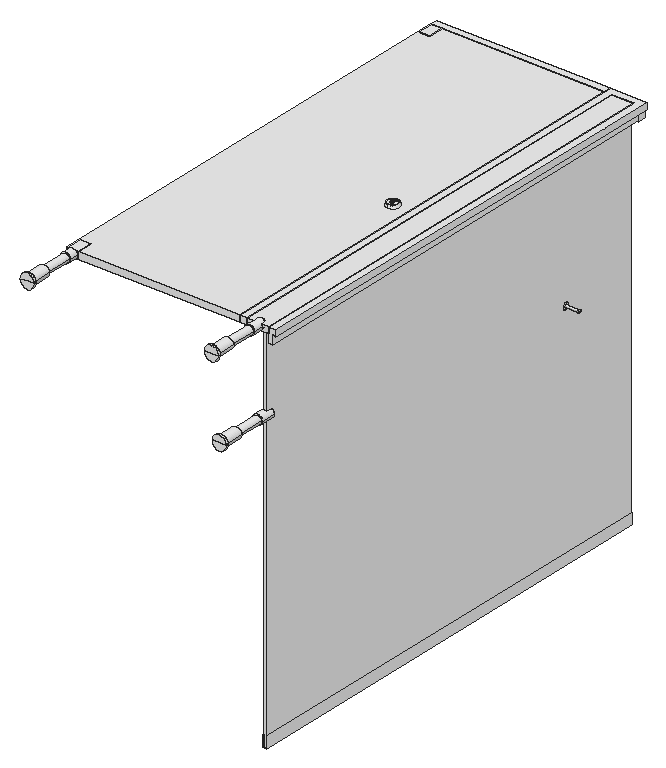
Revit family "Partition-Bobrick-Evolve", category Specialty Equipment, host Face, Revit 2015
Parameters (values of type "Center Partition")
  Warranty Information = ""
  URL = "http://www.bobrick.com/"
  Type Comments = ""
  Right Stile Width = 5 1/2"
  Right Stile Option = yes
  Right Stile Constraint = if(Right Stile Width < 5", 5", if(Right Stile Width > 48", 48", Right Stile Width))  # 5 1/2"
  Right Side Corner = no
  Right Partition = yes
  Right Hinge = or(Door Option = 3, Door Option = 4)  # no
  Left Stile Option = no
  Left Hinge = or(Door Option = 1, Door Option = 2)  # yes
  Head Rail Length = 1 1/8"  # constant formula
  Door Height = 72"  # constant formula
  4 - Right Hinged Outswing = Door Option = 4  # no
  3 - Right Hinged Inswing = Door Option = 3  # no
  Product Page URL = "http://www.bobrick.com/toiletpartitionsystems/Pages/default.aspx"
  Product Documentation Link = ""
  Price = "Prices may vary. Please consult Manufacturer Representative for most up-to-date price list."  # constant formula
  Partition Length Constraint = if(Length < 34", 34", if(Length > 59 205/256", 59 205/256", Length))  # 59 205/256"
  Overall Height = Door Height + Clearance Height + Head Rail Length  # 82 1/8"
  2 - Left Hinged Outswing = Door Option = 2  # no
  Model = "Evolve Toilet Partition"
  Exterior Finish = Laminate-Bobrick-White
  Manufacturer = "Bobrick"  # constant formula
  Length = 60"
  Left Stile Width = 5 1/2"
  Left Stile Constraint = if(Left Stile Width < 5", 5", if(Left Stile Width > 48", 48", Left Stile Width))  # 5 1/2"
  Left Partition = no
  Interior Finish = Laminate-Bobrick-White
  Inswing Visibility = and([1 - Left Hinged Inswing], Door Panel)  # yes
  1 - Left Hinged Inswing = Door Option = 1  # yes
  Door Height Constraint = if(Door Height < 72", 72", if(Door Height > 96", 96", Door Height))  # 72"
  Door Panel = 1 < 2  # yes
  Stall Width Constraint = if(Center Stall Option, Center Stall Width, Corner Stall Width)  # 32 7/8"
  Door Option = 1
  Center Stall Width = (Left Stile Width / 2) + (Door Width) + (Right Stile Width / 2)  # 32 7/8"
  Center Stall Constraint = if(Center Stall Width < 30", 30", if(Center Stall Width > 48", 48", Center Stall Width))  # 32 7/8"
  Corner Stall Width = (Left Stile Width / 2) + (Door Width) + (Right Stile Width / 2)  # 32 7/8"
  Corner Stall Constraint = if(Corner Stall Width < 30", 30", if(Corner Stall Width > 106", 106", Corner Stall Width))  # 32 7/8"
  Corner Option = no
  Installation Type = "Floor-Anchored"
  Hardware Material = Stainless Steel-Bobrick-Satin
  Door Width = 27 3/8"  # constant formula
  Description = "Evolve Toilet Partition"  # constant formula
  Default Elevation = 48"
  Creation Date = "12/12/2019"  # constant formula
  Clearance Height = 9"  # constant formula
  Center Stall Option = not(Corner Option)  # yes
  Assembly Code = "C1010"
  9" Clearance Option = 1 < 2  # yes
Reference planes (in)
  plane 1 "Center (Front/Back)": y = 4
  plane 2: z = 0
  plane 3 ".": x = -2
  plane 4: y = -44
  plane 5: z = 59.80078
  plane 6: z = 58.80078
  plane 7: z = 47.05078
  plane 8: y = -35
  plane 9: y = 37
  plane 10: y = 34
  plane 11: y = -32
  plane 12 "Center (Left/Right)": x = 4
  plane 13: x = -6
  plane 14: x = -33.375
  plane 15: x = -19.6875
  plane 16: x = -37.375
  plane 17: x = -38.875
  plane 18: y = -26.5
  plane 19: y = 28.5
  plane 20: z = 87.17578
  plane 21: z = 59.30078
  plane 22: x = -0.5
  plane 23: z = 73.48828
  plane 24: z = 73.48828
  plane 25: z = 31.42578
  plane 26: z = 45.11328
  plane 27: x = -39.125
  plane 28: x = -0.25
  plane 29: y = -4
  plane 30: y = 38.125
  plane 31: x = -32.35893
  plane 32: x = -7.03125
  plane 33: y = 36.9375
  plane 34: x = -34.5
  plane 35: x = -4.875
  plane 36: x = -6.03125
  plane 37: x = -3.26563
  plane 38: x = -36.125
  plane 39: x = -1.41
  plane 40: x = -37.96484
  plane 41: z = 57.48047
  plane 42: z = 36.72266
  plane 43: y = 23.98828
Forms (in)
  Extrusion 1, solid, material "Laminate-Bobrick-White" <- "Exterior Finish"
    sketch origin (0.00951, -48, 43.00317) x (-1, 0, 0) y (0, 0, 1)
      loop
        line (33.33923, 15.79761) -> (33.33923, 16.79761) -> (6.04076, 16.79761) -> (6.04076, 15.79761) -> (33.33923, 15.79761)
    from 13 to 84.9375
  Extrusion 2, solid, material "Laminate-Bobrick-White" <- "Exterior Finish", visible <- "Right Stile Option"
    sketch origin (0, 4, 0) x (1, 0, 0) y (0, 0, 1)
      loop
        line (-1.41, 59.80078) -> (-4.875, 59.80078) -> (-4.875, 58.80078) -> (-1.41, 58.80078) -> (-1.41, 59.80078)
    from -33 to 39
  Revolve 3, solid, material "Stainless Steel-Bobrick-Satin" <- "Hardware Material", visible <- "Corner Option"
    sketch origin (-36.47177, -48, 47.05078) x (0, -1, 0) y (1, 0, 0)
      loop
        line (-7.27383, -3.02823) -> (-7.27383, -3.2544) -> (-4.52383, -3.2544) -> (-4.25, -3.52823) -> (-4, -3.52823) -> (-4, -2.40323) -> (-12.5, -2.40323) -> (-12.5, -2.57807) -> (-14.25681, -2.57807) -> (-14.08712, -2.87198)
        arc (-14.08712, -2.87198) -> (-13.98582, -3.07249) -> (-13.77619, -3.15323) r 0.3125
        line (-13.77619, -3.15323) -> (-11.53125, -3.15323)
        arc (-11.53125, -3.15323) -> (-11.50915, -3.14408) -> (-11.5, -3.12198) r 0.03125
        line (-11.5, -3.12198) -> (-11.5, -3.02823) -> (-7.27383, -3.02823)
      axis (-4, -2.40323) -> (-14.25681, -2.40323)
    angle from 0 to 360
  Extrusion 4, solid, material "Laminate-Bobrick-White" <- "Exterior Finish", visible <- "Left Stile Option"
    sketch origin (-44, -48, 48.00317) x (1, 0, 0) y (0, 0, -1)
      loop
        line (6.03516, -10.79761) -> (6.03516, -11.79761) -> (9.5, -11.79761) -> (9.5, -10.79761) -> (6.03516, -10.79761)
    from 13 to 85
  Extrusion 5, solid, material "Laminate-Bobrick-White" <- "Interior Finish", visible <- "Right Partition"
    sketch origin (-11.52823, -48, 48.00317) x (0, 1, 0) y (-1, 0, 0)
      loop
        line (13, -9.27823) -> (13, -9.77823) -> (85, -9.77823) -> (85, -9.27823) -> (13, -9.27823)
    from -47.94067 to 10.79761
  Extrusion 6, solid, material "Laminate-Bobrick-White" <- "Interior Finish", visible <- "Left Partition"
    sketch origin (-59.52823, -48, 48.00317) x (0, 1, 0) y (-1, 0, 0)
      loop
        line (13, -21.90323) -> (13, -22.40323) -> (85, -22.40323) -> (85, -21.90323) -> (13, -21.90323)
    from -47.94067 to 10.79761
  Extrusion 7, solid, material "Stainless Steel-Bobrick-Satin" <- "Hardware Material", visible <- "Right Stile Option"
    sketch origin (0, 4, 0) x (1, 0, 0) y (0, 0, 1)
      loop
        line (-0.5, 57.48047) -> (-0.5, 59.80078) -> (-6.03125, 59.80078) -> (-6.03125, 57.48047) -> (-0.5, 57.48047)
    from -34.125 to -33
  Extrusion 8, solid, material "Stainless Steel-Bobrick-Satin" <- "Hardware Material"
    sketch origin (0, 4, 0) x (1, 0, 0) y (0, 0, 1)
      loop
        line (-6, 57.48047) -> (-6, 59.80078) -> (-33.375, 59.80078) -> (-33.375, 57.48047) -> (-6, 57.48047)
    from -33 to -34.125
  Extrusion 9, solid, material "Stainless Steel-Bobrick-Satin" <- "Hardware Material", visible <- "Left Stile Option"
    sketch origin (0, 4, 0) x (1, 0, 0) y (0, 0, 1)
      loop
        line (-33.375, 59.80078) -> (-38.875, 59.80078) -> (-38.875, 57.48047) -> (-33.375, 57.48047) -> (-33.375, 59.80078)
    from -34.125 to -33
  Extrusion 10, solid, material "Stainless Steel-Bobrick-Satin" <- "Hardware Material", visible <- "Corner Option"
    sketch origin (0, 4, 0) x (1, 0, 0) y (0, 0, 1)
      loop
        line (-39.125, 0) -> (-38.625, 0) -> (-38.625, 58.80078) -> (-39.125, 58.80078) -> (-39.125, 0)
    from -34.125 to -33
  Extrusion 11, solid, material "Stainless Steel-Bobrick-Satin" <- "Hardware Material", visible <- "Right Side Corner"
    sketch origin (0, 4, 0) x (1, 0, 0) y (0, 0, 1)
      loop
        line (-0.25, 0) -> (-0.25, 58.80078) -> (-0.75, 58.80078) -> (-0.75, 0) -> (-0.25, 0)
    from -34.125 to -33
  Extrusion 12, solid, material "Laminate-Bobrick-White" <- "Exterior Finish", visible <- "Corner Option"
    sketch origin (0, 4, 0) x (1, 0, 0) y (0, 0, 1)
      loop
        line (-38.625, 0.0625) -> (-38.625, 58.80078) -> (-39.125, 58.80078) -> (-39.125, 0.0625) -> (-38.625, 0.0625)
    from -33 to 39
  Revolve 13, solid, material "Stainless Steel-Bobrick-Satin" <- "Hardware Material", visible <- "Left Hinge"
    sketch origin (-26.7057, -48, 59.30078) x (0, -1, 0) y (1, 0, 0)
      loop
        line (-7.27383, -6.27823) -> (-7.27383, -6.5044) -> (-4.52383, -6.5044) -> (-4.25, -6.77823) -> (-4, -6.77823) -> (-4, -5.65323) -> (-13, -5.65323) -> (-13, -5.90323) -> (-12.86925, -5.90323) -> (-12.86925, -6.40323) -> (-11.53125, -6.40323)
        arc (-11.53125, -6.40323) -> (-11.50915, -6.39408) -> (-11.5, -6.37198) r 0.03125
        line (-11.5, -6.37198) -> (-11.5, -6.27823) -> (-7.27383, -6.27823)
      axis (-4, -5.65323) -> (-13, -5.65323)
    angle from 0 to 360
  Extrusion 14, solid, material "Stainless Steel-Bobrick-Satin" <- "Hardware Material", visible <- "Left Hinge"
    sketch origin (0, 0, 0) x (1, 0, 0) y (0, 1, 0)
      loop
        line (-33.12635, 36.9375) -> (-33.12635, 34.4375) -> (-31.59151, 34.4375) -> (-31.59151, 36.9375) -> (-33.12635, 36.9375)
      loop
        line (-33.12635, -32.5) -> (-33.12635, -35) -> (-31.59151, -35) -> (-31.59151, -32.5) -> (-33.12635, -32.5)
    from 58.7635 to 59.83631
  Revolve 15, solid, material "Stainless Steel-Bobrick-Satin" <- "Hardware Material", visible <- "Right Hinge"
    sketch origin (-4.75302, -48, 59.30078) x (0, -1, 0) y (1, 0, 0)
      loop
        line (-7.27383, -2.90323) -> (-7.27383, -3.1294) -> (-4.52383, -3.1294) -> (-4.25, -3.40323) -> (-4, -3.40323) -> (-4, -2.27823) -> (-13, -2.27823) -> (-13, -2.52823) -> (-12.86925, -2.52823) -> (-12.86925, -3.02823) -> (-11.53125, -3.02823)
        arc (-11.53125, -3.02823) -> (-11.50915, -3.01908) -> (-11.5, -2.99698) r 0.03125
        line (-11.5, -2.99698) -> (-11.5, -2.90323) -> (-7.27383, -2.90323)
      axis (-4, -2.27823) -> (-13, -2.27823)
    angle from 0 to 360
  Extrusion 16, solid, material "Stainless Steel-Bobrick-Satin" <- "Hardware Material", visible <- "Right Hinge"
    sketch origin (21.95268, 0, 0) x (1, 0, 0) y (0, 1, 0)
      loop
        line (-29.75135, 36.9375) -> (-29.75135, 34.4375) -> (-28.21651, 34.4375) -> (-28.21651, 36.9375) -> (-29.75135, 36.9375)
      loop
        line (-29.75135, -32.5) -> (-29.75135, -35) -> (-28.21651, -35) -> (-28.21651, -32.5) -> (-29.75135, -32.5)
    from 58.7635 to 59.83631
  Extrusion 17, solid, material "Stainless Steel-Bobrick-Satin" <- "Hardware Material", visible <- "Left Stile Option"
    sketch origin (0, 4, 0) x (1, 0, 0) y (0, 0, 1)
      loop
        line (-34.5, 59.80078) -> (-34.5, 58.80078) -> (-33.375, 58.80078) -> (-33.375, 59.80078) -> (-34.5, 59.80078)
    from -34.125 to 39
  Extrusion 18, solid, material "Stainless Steel-Bobrick-Satin" <- "Hardware Material", visible <- "Right Stile Option"
    sketch origin (0, 4, 0) x (1, 0, 0) y (0, 0, 1)
      loop
        line (-4.875, 59.80078) -> (-6, 59.80078) -> (-6, 58.80078) -> (-4.875, 58.80078) -> (-4.875, 59.80078)
    from -34.125 to 39
  Revolve 19, solid, material "Stainless Steel-Bobrick-Satin" <- "Hardware Material", visible <- "Right Partition"
    sketch origin (-0.47177, -48, 47.05078) x (0, -1, 0) y (1, 0, 0)
      loop
        line (-7.27383, -2.15323) -> (-7.27383, -2.3794) -> (-4.52383, -2.3794) -> (-4.25, -2.65323) -> (-4, -2.65323) -> (-4, -1.52823) -> (-14, -1.52823) -> (-14, -1.95307) -> (-13.83031, -2.24698)
        arc (-13.83031, -2.24698) -> (-13.80744, -2.26986) -> (-13.77619, -2.27823) r 0.0625
        line (-13.77619, -2.27823) -> (-11.53125, -2.27823)
        arc (-11.53125, -2.27823) -> (-11.50915, -2.26908) -> (-11.5, -2.24698) r 0.03125
        line (-11.5, -2.24698) -> (-11.5, -2.15323) -> (-7.27383, -2.15323)
      axis (-4, -1.52823) -> (-14, -1.52823)
    angle from 0 to 360
  Revolve 20, solid, material "Stainless Steel-Bobrick-Satin" <- "Hardware Material", visible <- "Right Side Corner"
    sketch origin (3.52823, -48, 47) x (0, -1, 0) y (1, 0, 0)
      loop
        line (-7.27383, -4.65323) -> (-7.27383, -4.8794) -> (-4.52383, -4.8794) -> (-4.25, -5.15323) -> (-4, -5.15323) -> (-4, -4.02823) -> (-14, -4.02823) -> (-14, -4.45307) -> (-13.83031, -4.74698)
        arc (-13.83031, -4.74698) -> (-13.80744, -4.76986) -> (-13.77619, -4.77823) r 0.0625
        line (-13.77619, -4.77823) -> (-11.53125, -4.77823)
        arc (-11.53125, -4.77823) -> (-11.50915, -4.76908) -> (-11.5, -4.74698) r 0.03125
        line (-11.5, -4.74698) -> (-11.5, -4.65323) -> (-7.27383, -4.65323)
      axis (-4, -4.02823) -> (-14, -4.02823)
    angle from 0 to 360
  Revolve 21, solid, material "Stainless Steel-Bobrick-Satin" <- "Hardware Material", visible <- "Left Stile Option"
    sketch origin (-36.84677, -48, 59.30078) x (0, -1, 0) y (1, 0, 0)
      loop
        line (-7.27383, 0.09677) -> (-7.27383, -0.1294) -> (-4.52383, -0.1294) -> (-4.25, -0.40323) -> (-4, -0.40323) -> (-4, 0.72177) -> (-14, 0.72177) -> (-14, 0.29693) -> (-13.83031, 0.00302)
        arc (-13.83031, 0.00302) -> (-13.80744, -0.01986) -> (-13.77619, -0.02823) r 0.0625
        line (-13.77619, -0.02823) -> (-11.53125, -0.02823)
        arc (-11.53125, -0.02823) -> (-11.50915, -0.01908) -> (-11.5, 0.00302) r 0.03125
        line (-11.5, 0.00302) -> (-11.5, 0.09677) -> (-7.27383, 0.09677)
      axis (-4, 0.72177) -> (-14, 0.72177)
    angle from 0 to 360
  Extrusion 22, solid, material "Stainless Steel-Bobrick-Satin" <- "Hardware Material", visible <- "Corner Option"
    sketch origin (-42.47177, -48, 35.00317) x (1, 0, 0) y (0, 0, -1)
      loop
        line (3.28427, 35.00317) -> (3.28427, 33.25317) -> (3.34677, 33.25317) -> (3.34677, 34.94067) -> (3.84677, 34.94067) -> (3.84677, 33.25317) -> (3.90927, 33.25317) -> (3.90927, 35.00317) -> (3.28427, 35.00317)
    from 13 to 85
  Extrusion 23, solid, material "Laminate-Bobrick-White" <- "Exterior Finish", visible <- "Right Side Corner"
    sketch origin (0, 2.875, 0) x (1, 0, 0) y (0, 0, 1)
      loop
        line (-0.25, 0.0625) -> (-0.25, 58.80078) -> (-0.75, 58.80078) -> (-0.75, 0.0625) -> (-0.25, 0.0625)
    from -34.125 to 37.875
  Extrusion 24, solid, material "Stainless Steel-Bobrick-Satin" <- "Hardware Material", visible <- "Right Side Corner"
    sketch origin (4.90323, -48, 35.00317) x (1, 0, 0) y (0, 0, -1)
      loop
        line (-5.71573, 35.00317) -> (-5.71573, 33.25317) -> (-5.65323, 33.25317) -> (-5.65323, 34.94067) -> (-5.15323, 34.94067) -> (-5.15323, 33.25317) -> (-5.09073, 33.25317) -> (-5.09073, 35.00317) -> (-5.71573, 35.00317)
    from 13 to 85
  Extrusion 25, solid, material "Stainless Steel-Bobrick-Satin" <- "Hardware Material", visible <- "Right Stile Option"
    sketch origin (0, 4, 0) x (1, 0, 0) y (0, 0, 1)
      loop
        line (-0.25, 59.80078) -> (-1.41, 59.80078) -> (-1.41, 57.48047) -> (-0.75, 57.48047) -> (-0.75, 58.80078) -> (-0.25, 58.80078) -> (-0.25, 59.80078)
    from -34.125 to 39
  Extrusion 26, solid, material "Stainless Steel-Bobrick-Satin" <- "Hardware Material", visible <- "Right Partition"
    sketch origin (-1.09677, -48, 35.00317) x (1, 0, 0) y (0, 0, -1)
      loop
        line (-1.21573, 35.00317) -> (-1.21573, 33.25317) -> (-1.15323, 33.25317) -> (-1.15323, 34.94067) -> (-0.65323, 34.94067) -> (-0.65323, 33.25317) -> (-0.59073, 33.25317) -> (-0.59073, 35.00317) -> (-1.21573, 35.00317)
    from 13 to 85
  Extrusion 27, solid, material "Stainless Steel-Bobrick-Satin" <- "Hardware Material", visible <- "Left Partition"
    sketch origin (-36.47177, -48, 35.00317) x (1, 0, 0) y (0, 0, -1)
      loop
        line (-1.21573, 35.00317) -> (-1.21573, 33.25317) -> (-1.15323, 33.25317) -> (-1.15323, 34.94067) -> (-0.65323, 34.94067) -> (-0.65323, 33.25317) -> (-0.59073, 33.25317) -> (-0.59073, 35.00317) -> (-1.21573, 35.00317)
    from 13 to 85
  Extrusion 28, solid, material "Stainless Steel-Bobrick-Satin" <- "Hardware Material", visible <- "Left Stile Option"
    sketch origin (0, 4, 0) x (1, 0, 0) y (0, 0, 1)
      loop
        line (-37.96484, 57.48047) -> (-37.96484, 59.80078) -> (-39.125, 59.80078) -> (-39.125, 58.80078) -> (-38.625, 58.80078) -> (-38.625, 57.48047) -> (-37.96484, 57.48047)
    from -34.125 to 39
  Revolve 29, solid, material "Stainless Steel-Bobrick-Satin" <- "Hardware Material", visible <- "Left Partition"
    sketch origin (0, 23.98828, 0) x (1, 0, 0) y (0, 0, 1)
      loop
        line (-37.125, 36.72266) -> (-34.8225, 36.72266) -> (-34.8225, 36.8125) -> (-34.875, 36.8125) -> (-34.875, 36.90234) -> (-37.055, 36.90234) -> (-37.055, 37.21266) -> (-37.125, 37.21266) -> (-37.125, 36.72266)
      axis (-34.8225, 36.72266) -> (-37.125, 36.72266)
    angle from 0 to 360
  Revolve 30, solid, material "Stainless Steel-Bobrick-Satin" <- "Hardware Material", visible <- "Corner Option"
    sketch origin (-6, 23.98828, 0) x (1, 0, 0) y (0, 0, 1)
      loop
        line (-32.625, 36.72266) -> (-30.3225, 36.72266) -> (-30.3225, 36.8125) -> (-30.375, 36.8125) -> (-30.375, 36.90234) -> (-32.555, 36.90234) -> (-32.555, 37.21266) -> (-32.625, 37.21266) -> (-32.625, 36.72266)
      axis (-30.3225, 36.72266) -> (-32.625, 36.72266)
    angle from 0 to 360
  Revolve 31, solid, material "Stainless Steel-Bobrick-Satin" <- "Hardware Material", visible <- "Right Stile Option"
    sketch origin (26.51261, -48, 59.30078) x (0, -1, 0) y (1, 0, 0)
      loop
        line (-7.27383, -30.40323) -> (-7.27383, -30.6294) -> (-4.52383, -30.6294) -> (-4.25, -30.90323) -> (-4, -30.90323) -> (-4, -29.77823) -> (-14, -29.77823) -> (-14, -30.20307) -> (-13.83031, -30.49698)
        arc (-13.83031, -30.49698) -> (-13.80744, -30.51986) -> (-13.77619, -30.52823) r 0.0625
        line (-13.77619, -30.52823) -> (-11.53125, -30.52823)
        arc (-11.53125, -30.52823) -> (-11.50915, -30.51908) -> (-11.5, -30.49698) r 0.03125
        line (-11.5, -30.49698) -> (-11.5, -30.40323) -> (-7.27383, -30.40323)
      axis (-4, -29.77823) -> (-14, -29.77823)
    angle from 0 to 360
  Revolve 32, solid, material "Stainless Steel-Bobrick-Satin" <- "Hardware Material", visible <- "Right Partition"
    sketch origin (30.875, 23.98828, 0) x (1, 0, 0) y (0, 0, 1)
      loop
        line (-32.625, 36.72266) -> (-30.3225, 36.72266) -> (-30.3225, 36.8125) -> (-30.375, 36.8125) -> (-30.375, 36.90234) -> (-32.555, 36.90234) -> (-32.555, 37.21266) -> (-32.625, 37.21266) -> (-32.625, 36.72266)
      axis (-30.3225, 36.72266) -> (-32.625, 36.72266)
    angle from 0 to 360
Cuts and joins
  joined: Extrusion 9, Extrusion 17
  joined: Extrusion 7, Extrusion 18, Extrusion 25
Lines and regions (in)
  Masking region 1, visible <- "Right Partition"
    outline origin (0, 4, 0) x (1, 0, 0) y (0, 0, 1)
      loop
        line (-2.25, 1.75) -> (-2.3125, 1.75) -> (-2.3125, 0) -> (-1.6875, 0) -> (-1.6875, 1.75) -> (-1.75, 1.75) -> (-1.75, 57.48047) -> (-2.25, 57.48047) -> (-2.25, 1.75)
  Masking region 2, visible <- "Right Stile Option"
    outline origin (0, 4, 0) x (1, 0, 0) y (0, 0, 1)
      loop
        line (-0.5, 59.80078) -> (-6.03125, 59.80078) -> (-6.03125, 57.48047) -> (-0.5, 57.48047) -> (-0.5, 59.80078)
  Masking region 3, visible <- "Left Partition"
    outline origin (-52, 4, 0) x (-1, 0, 0) y (0, 0, 1)
      loop
        line (-14.875, 1.75) -> (-14.9375, 1.75) -> (-14.9375, 0) -> (-14.3125, 0) -> (-14.3125, 1.75) -> (-14.375, 1.75) -> (-14.375, 57.48047) -> (-14.875, 57.48047) -> (-14.875, 1.75)
  Masking region 4, visible <- "2 - Left Hinged Outswing"
    outline origin (-44, 0, 110) x (0, 0, 1) y (-1, 0, 0)
      loop
        line (-22.82422, -10.625) -> (-24.45046, -10.625) -> (-24.57126, -10.26066)
        arc (-24.57126, -10.26066) -> (-24.58266, -10.24512) -> (-24.601, -10.23919) r 0.03133
        line (-24.601, -10.23919) -> (-26.2982, -10.23919)
        arc (-26.2982, -10.23919) -> (-26.31793, -10.24557) -> (-26.33019, -10.26229) r 0.0337
        line (-26.33019, -10.26229) -> (-26.45046, -10.625) -> (-50.19922, -10.625) -> (-50.19922, -11.625) -> (-28.94566, -11.625) -> (-28.81783, -12.01097)
        arc (-28.81783, -12.01097) -> (-28.80658, -12.02632) -> (-28.78847, -12.03218) r 0.03094
        line (-28.78847, -12.03218) -> (-25.85715, -12.03218) -> (-25.85715, -13.49061) -> (-29.20446, -13.49061)
        arc (-29.20446, -13.49061) -> (-29.22825, -13.50047) -> (-29.23811, -13.52426) r 0.03364
        line (-29.23811, -13.52426) -> (-29.23811, -14.07458)
        arc (-29.23811, -14.07458) -> (-29.22609, -14.1036) -> (-29.19708, -14.11561) r 0.04103
        line (-29.19708, -14.11561) -> (-25.85715, -14.11561) -> (-25.85715, -14.40718) -> (-25.82476, -14.40718)
        arc (-25.82476, -14.40718) -> (-25.80315, -14.41707) -> (-25.7965, -14.4399) r 0.02856
        line (-25.7965, -14.4399) -> (-25.7965, -14.49867)
        arc (-25.7965, -14.49867) -> (-25.78683, -14.52203) -> (-25.76346, -14.53171) r 0.03304
        line (-25.76346, -14.53171) -> (-25.20084, -14.53171)
        arc (-25.20084, -14.53171) -> (-25.17747, -14.52203) -> (-25.16779, -14.49867) r 0.03304
        line (-25.16779, -14.49867) -> (-25.16779, -14.4399)
        arc (-25.16779, -14.4399) -> (-25.16115, -14.41707) -> (-25.13953, -14.40718) r 0.02856
        line (-25.13953, -14.40718) -> (-25.10715, -14.40718) -> (-25.10715, -12.03218) -> (-22.82422, -12.03218) -> (-22.82422, -10.625)
  Masking region 5, visible <- "1 - Left Hinged Inswing"
    outline origin (0, 4, 0) x (1, 0, 0) y (0, 0, 1)
      loop
        line (-32.375, 31.42578) -> (-32.375, 32.05202) -> (-32.01066, 32.17282)
        arc (-32.01066, 32.17282) -> (-31.99512, 32.18422) -> (-31.98919, 32.20256) r 0.03133
        line (-31.98919, 32.20256) -> (-31.98919, 33.89977)
        arc (-31.98919, 33.89977) -> (-31.99557, 33.91949) -> (-32.01229, 33.93176) r 0.0337
        line (-32.01229, 33.93176) -> (-32.375, 34.05202) -> (-32.375, 58.80078) -> (-33.375, 58.80078) -> (-33.375, 36.73473) -> (-33.75947, 36.60739)
        arc (-33.75947, 36.60739) -> (-33.77483, 36.59614) -> (-33.78069, 36.57802) r 0.03094
        line (-33.78069, 36.57802) -> (-33.78069, 33.45871) -> (-35.24061, 33.45871) -> (-35.24061, 37.11853)
        arc (-35.24061, 37.11853) -> (-35.25047, 37.14232) -> (-35.27426, 37.15217) r 0.03364
        line (-35.27426, 37.15217) -> (-35.81862, 37.15217)
        arc (-35.81862, 37.15217) -> (-35.84763, 37.14015) -> (-35.85965, 37.11114) r 0.04103
        line (-35.85965, 37.11114) -> (-35.85965, 33.45871) -> (-36.15122, 33.45871) -> (-36.15122, 33.42633)
        arc (-36.15122, 33.42633) -> (-36.16111, 33.40471) -> (-36.18394, 33.39807) r 0.02856
        line (-36.18394, 33.39807) -> (-36.24271, 33.39807)
        arc (-36.24271, 33.39807) -> (-36.26607, 33.38839) -> (-36.27575, 33.36502) r 0.03304
        line (-36.27575, 33.36502) -> (-36.27575, 32.8024)
        arc (-36.27575, 32.8024) -> (-36.26607, 32.77904) -> (-36.24271, 32.76936) r 0.03304
        line (-36.24271, 32.76936) -> (-36.18394, 32.76936)
        arc (-36.18394, 32.76936) -> (-36.16111, 32.76272) -> (-36.15122, 32.7411) r 0.02856
        line (-36.15122, 32.7411) -> (-36.15122, 32.70871) -> (-33.78069, 32.70871) -> (-33.78069, 31.42578) -> (-32.375, 31.42578)
  Masking region 6, visible <- "4 - Right Hinged Outswing"
    outline origin (-32, 0, 110) x (0, 0, 1) y (-1, 0, 0)
      loop
        line (-22.82422, -26) -> (-22.82422, -24.59282) -> (-24.79465, -24.59282) -> (-24.79465, -22.21782) -> (-24.82703, -22.21782)
        arc (-24.82703, -22.21782) -> (-24.84865, -22.20793) -> (-24.85529, -22.1851) r 0.02856
        line (-24.85529, -22.1851) -> (-24.85529, -22.12633)
        arc (-24.85529, -22.12633) -> (-24.86497, -22.10297) -> (-24.88834, -22.09329) r 0.03304
        line (-24.88834, -22.09329) -> (-25.45096, -22.09329)
        arc (-25.45096, -22.09329) -> (-25.47433, -22.10297) -> (-25.484, -22.12633) r 0.03304
        line (-25.484, -22.12633) -> (-25.484, -22.1851)
        arc (-25.484, -22.1851) -> (-25.49065, -22.20793) -> (-25.51226, -22.21782) r 0.02856
        line (-25.51226, -22.21782) -> (-25.54465, -22.21782) -> (-25.54465, -22.50939) -> (-29.19708, -22.50939)
        arc (-29.19708, -22.50939) -> (-29.22609, -22.5214) -> (-29.23811, -22.55042) r 0.04103
        line (-29.23811, -22.55042) -> (-29.23811, -23.10074)
        arc (-29.23811, -23.10074) -> (-29.22825, -23.12453) -> (-29.20446, -23.13439) r 0.03364
        line (-29.20446, -23.13439) -> (-25.54465, -23.13439) -> (-25.54465, -24.59282) -> (-28.66347, -24.59282)
        arc (-28.66347, -24.59282) -> (-28.68158, -24.59868) -> (-28.69283, -24.61403) r 0.03094
        line (-28.69283, -24.61403) -> (-28.82066, -25) -> (-50.19922, -25) -> (-50.19922, -26) -> (-26.13796, -26) -> (-26.01769, -26.36271)
        arc (-26.01769, -26.36271) -> (-26.00543, -26.37943) -> (-25.9857, -26.38581) r 0.0337
        line (-25.9857, -26.38581) -> (-24.2885, -26.38581)
        arc (-24.2885, -26.38581) -> (-24.27016, -26.37988) -> (-24.25876, -26.36434) r 0.03133
        line (-24.25876, -26.36434) -> (-24.13796, -26) -> (-22.82422, -26)
  Masking region 7, visible <- "3 - Right Hinged Inswing"
    outline origin (-76, 4, 0) x (-1, 0, 0) y (0, 0, -1)
      loop
        line (-69, -31.42578) -> (-70.40569, -31.42578) -> (-70.40569, -32.70871) -> (-72.78149, -32.70871) -> (-72.78149, -32.7411)
        arc (-72.78149, -32.7411) -> (-72.79138, -32.76272) -> (-72.81421, -32.76936) r 0.02856
        line (-72.81421, -32.76936) -> (-72.87298, -32.76936)
        arc (-72.87298, -32.76936) -> (-72.89634, -32.77904) -> (-72.90602, -32.8024) r 0.03304
        line (-72.90602, -32.8024) -> (-72.90602, -33.36502)
        arc (-72.90602, -33.36502) -> (-72.89634, -33.38839) -> (-72.87298, -33.39807) r 0.03304
        line (-72.87298, -33.39807) -> (-72.81421, -33.39807)
        arc (-72.81421, -33.39807) -> (-72.79138, -33.40471) -> (-72.78149, -33.42633) r 0.02856
        line (-72.78149, -33.42633) -> (-72.78149, -33.45871) -> (-72.48992, -33.45871) -> (-72.48992, -37.11114)
        arc (-72.48992, -37.11114) -> (-72.47791, -37.14015) -> (-72.44889, -37.15217) r 0.04103
        line (-72.44889, -37.15217) -> (-71.89926, -37.15217)
        arc (-71.89926, -37.15217) -> (-71.87547, -37.14232) -> (-71.86561, -37.11853) r 0.03364
        line (-71.86561, -37.11853) -> (-71.86561, -33.45871) -> (-70.40569, -33.45871) -> (-70.40569, -36.57802)
        arc (-70.40569, -36.57802) -> (-70.39983, -36.59614) -> (-70.38447, -36.60739) r 0.03094
        line (-70.38447, -36.60739) -> (-70, -36.73473) -> (-70, -58.80078) -> (-69, -58.80078) -> (-69, -34.05202) -> (-68.63729, -33.93176)
        arc (-68.63729, -33.93176) -> (-68.62057, -33.91949) -> (-68.61419, -33.89977) r 0.0337
        line (-68.61419, -33.89977) -> (-68.61419, -32.20256)
        arc (-68.61419, -32.20256) -> (-68.62012, -32.18422) -> (-68.63566, -32.17282) r 0.03133
        line (-68.63566, -32.17282) -> (-69, -32.05202) -> (-69, -31.42578)
  Masking region 8, visible <- "Right Side Corner"
    outline origin (0, 4, 0) x (1, 0, 0) y (0, 0, 1)
      loop
        line (-0.25, 1.75) -> (-0.25, 59.80078) -> (-0.75, 59.80078) -> (-0.75, 1.75) -> (-0.8125, 1.75) -> (-0.8125, 0) -> (-0.1875, 0) -> (-0.1875, 1.75) -> (-0.25, 1.75)
  Masking region 9, visible <- "Corner Option"
    outline origin (0, 4, 0) x (1, 0, 0) y (0, 0, 1)
      loop
        line (-39.125, 1.75) -> (-39.1875, 1.75) -> (-39.1875, 0) -> (-38.5625, 0) -> (-38.5625, 1.75) -> (-38.625, 1.75) -> (-38.625, 59.80078) -> (-39.125, 59.80078) -> (-39.125, 1.75)
  Masking region 10, visible <- "Left Stile Option"
    outline origin (0, 4, 0) x (1, 0, 0) y (0, 0, 1)
      loop
        line (-38.875, 57.48047) -> (-33.375, 57.48047) -> (-33.375, 59.80078) -> (-38.875, 59.80078) -> (-38.875, 57.48047)
  symbolic lines, visible <- "Right Partition", detail levels fine
    curve 1: line (-1.75, 4, 1.75) -> (-1.75, 4, 0.0625)
    curve 2: line (-1.75, 4, 0.0625) -> (-2.25, 4, 0.0625)
    curve 3: line (-2.25, 4, 0.0625) -> (-2.25, 4, 1.75)
  symbolic lines, visible <- "Left Partition", detail levels fine
    curve 4: line (-37.125, 4, 1.75) -> (-37.125, 4, 0.0625)
    curve 5: line (-37.125, 4, 0.0625) -> (-37.625, 4, 0.0625)
    curve 6: line (-37.625, 4, 0.0625) -> (-37.625, 4, 1.75)
  symbolic lines, visible <- "Corner Option", detail levels fine
    curve 7: line (-39.125, 4, 1.75) -> (-39.125, 4, 0.25)
  symbolic lines, visible <- "2 - Left Hinged Outswing", detail levels medium+fine
    curve 8: line (-31.96782, 0, 84.89285) -> (-31.96782, 0, 84.14285)
    curve 11: line (-32.375, 4, 87.17578) -> (-32.375, 4, 81.05434)
    curve 12: line (-33.375, 4, 85.54954) -> (-33.375, 4, 83.54954)
    curve 13: line (-33.36634, 4, 59.44655) -> (-33.36634, 4, 58.4634)
    curve 23: line (-33.76081, 4, 84.89285) -> (-33.76081, 4, 84.14285)
  symbolic lines, visible <- "2 - Left Hinged Outswing", detail levels fine
    curve 9: arc (-30.50939, 0, 84.14285) -> (-30.19689, 0, 84.34559) -> (-29.88439, 0, 84.14285) r 0.34221
    curve 10: line (-29.59282, 0, 84.86047) -> (-29.59282, 0, 84.17524)
  symbolic lines, visible <- "1 - Left Hinged Inswing", detail levels medium+fine
    curve 14: line (-33.375, 4, 36.73473) -> (-33.375, 4, 31.42578)
    curve 15: line (-32.375, 4, 34.05202) -> (-32.375, 4, 32.05202)
  symbolic lines, visible <- "1 - Left Hinged Inswing", detail levels fine
    curve 16: line (-33.78069, 4, 33.45871) -> (-33.78069, 4, 32.70871)
    curve 17: line (-36.15718, 4, 33.42633) -> (-36.15718, 4, 32.7411)
    curve 18: arc (-35.24061, 4, 33.45871) -> (-35.55311, 4, 33.23371) -> (-35.86561, 4, 33.45871) r 0.32951
  symbolic lines, style "SpecialityEquipmentHiddenLines", visible <- "2 - Left Hinged Outswing"
    curve 19: arc (-6, 4, 59.30078) -> (-12.93351, 4, 79.15574) -> (-32.375, 4, 87.17578) r 25.68541
  symbolic lines, style "SpecialityEquipmentHiddenLines", visible <- "1 - Left Hinged Inswing"
    curve 20: arc (-33.375, 4, 31.42578) -> (-14.01795, 4, 39.44373) -> (-6, 4, 58.80078) r 27.375
  symbolic lines, visible <- "Right Partition", detail levels medium+fine
    curve 21: line (-0.75, 4, 1.75) -> (-0.75, 4, 0.0625)
    curve 38: line (-0.25, 4, 1.75) -> (-0.25, 4, 0.0625)
    curve 39: line (-0.25, 4, 0.0625) -> (-0.75, 4, 0.0625)
  symbolic lines, visible <- "Corner Option", detail levels medium+fine
    curve 22: line (-39.125, 4, 1.75) -> (-39.125, 4, 0.0625)
    curve 40: line (-38.625, 4, 0.0625) -> (-39.125, 4, 0.0625)
    curve 41: line (-38.625, 4, 0.0625) -> (-38.625, 4, 1.75)
  symbolic lines, visible <- "4 - Right Hinged Outswing", detail levels medium+fine
    curve 24: line (-7.40718, 0, 85.20535) -> (-7.40718, 0, 84.45535)
    curve 27: line (-7, 4, 87.17578) -> (-7, 4, 81.17934)
    curve 28: line (-6, 4, 85.86204) -> (-6, 4, 83.86204)
    curve 29: line (-6, 4, 59.44655) -> (-6, 4, 58.6755)
    curve 30: line (-5.61419, 4, 85.20535) -> (-5.61419, 4, 84.45535)
  symbolic lines, visible <- "4 - Right Hinged Outswing", detail levels fine
    curve 25: arc (-8.86561, 0, 84.45535) -> (-9.17811, 0, 84.65809) -> (-9.49061, 0, 84.45535) r 0.34221
    curve 26: line (-9.78218, 0, 85.17297) -> (-9.78218, 0, 84.48774)
  symbolic lines, style "SpecialityEquipmentHiddenLines", visible <- "4 - Right Hinged Outswing"
    curve 31: arc (-33.36634, 4, 59.30078) -> (-26.43862, 4, 79.15517) -> (-7, 4, 87.17578) r 25.67747
  symbolic lines, style "SpecialityEquipmentHiddenLines", visible <- "3 - Right Hinged Inswing"
    curve 32: arc (-5.99654, 4, 31.43098) -> (-25.34991, 4, 39.44741) -> (-33.36634, 4, 58.80078) r 27.36981
  symbolic lines, visible <- "3 - Right Hinged Inswing", detail levels medium+fine
    curve 33: line (-5.99654, 4, 36.73473) -> (-5.99654, 4, 31.43098)
    curve 34: line (-7, 4, 34.05202) -> (-7, 4, 32.05202)
  symbolic lines, visible <- "3 - Right Hinged Inswing", detail levels fine
    curve 35: line (-5.59431, 4, 33.45871) -> (-5.59431, 4, 32.70871)
    curve 36: line (-3.21851, 4, 33.42633) -> (-3.21851, 4, 32.7411)
    curve 37: arc (-4.13439, 4, 33.45871) -> (-3.82189, 4, 33.23371) -> (-3.50939, 4, 33.45871) r 0.32951
Dimensions and locks (in)
  "Partition Length Constraint": host face to plane 5
  locked: plane 7 to plane 6 at 11.75
  "Clearance Height": plane 8 to plane 4
  "Door Height": plane 9 to plane 8
  locked: plane 11 to plane 8 at 3
  locked: plane 9 to plane 10 at 3
  equal spacing: plane 13, plane 15, plane 14
  locked: plane 18 to plane 11 at 5.5
  locked: plane 10 to plane 19 at 5.5
  "Door Width": plane 5 to plane 20
  "Door Width": plane 13 to plane 14
  "Right Stile Width": plane 22 to plane 13
  "Left Stile Constraint": plane 17 to plane 14
  equal spacing: plane 5, plane 23, plane 20
  equal spacing: plane 5, plane 24, plane 20
  locked: Masking region 4 sketch curve to plane 20 at 2.28293
  "Door Width": plane 25 to plane 6
  equal spacing: plane 25, plane 26, plane 6
  equal spacing: plane 6, plane 21, plane 5
  locked: plane 6 to plane 5 at 1
  locked: plane 27 to plane 17 at 0.25
  locked: plane 28 to plane 22 at 0.25
  locked: plane 27 to Extrusion 12 sketch curve at 0.5
  plane 29 to plane 4 = 40"
  "Overall Height": plane 30 to plane 4
  locked: Revolve 3 sketch curve to plane 17 at 1.125
  locked: Revolve 3 sketch curve to plane 17 at 0.85117
  locked: Revolve 3 sketch curve to plane 17 at 0.625
  locked: Revolve 3 sketch curve to plane 17 at 0.75
  locked: plane 14 to plane 31 at 1.01607
  locked: plane 32 to plane 13 at 1.03125
  locked: Revolve 13 sketch curve to plane 31 at 1.125
  locked: Revolve 13 sketch curve to plane 31 at 0.85117
  locked: Revolve 13 sketch curve to plane 31 at 0.625
  locked: Revolve 13 sketch curve to plane 31 at 0.75
  locked: Revolve 13 sketch curve to plane 4 at 3.27383
  locked: plane 8 to Revolve 13 sketch curve at 1.5
  locked: plane 9 to plane 33 at 0.0625
  equal spacing: Extrusion 14 sketch curve, plane 31, Extrusion 14 sketch curve
  locked: Extrusion 14 sketch curve to plane 33 at 2.5
  locked: plane 5 to Extrusion 14 at 0.03553
  locked: Extrusion 14 to plane 6 at 0.03728
  equal spacing: Extrusion 16 sketch curve, plane 32, Extrusion 16 sketch curve  (x2)
  locked: Extrusion 16 sketch curve to Extrusion 16 sketch curve at 1.53485  (x2)
  locked: Extrusion 16 sketch curve to plane 33 at 2.5
  locked: Revolve 15 sketch curve to plane 32 at 1.125
  locked: Revolve 15 sketch curve to plane 32 at 0.85117
  locked: Revolve 15 sketch curve to plane 32 at 0.625
  locked: Revolve 15 sketch curve to plane 32 at 0.75
  locked: Revolve 15 sketch curve to plane 4 at 3.27383
  locked: plane 8 to Revolve 15 sketch curve at 1.5
  locked: plane 34 to plane 14 at 1.125
  locked: plane 13 to plane 35 at 1.125
  locked: plane 36 to plane 13 at 0.03125
  locked: plane 8 to Revolve 13 sketch curve at 0.13075
  locked: Revolve 13 sketch curve to plane 31 at 0.25
  locked: Extrusion 14 sketch curve to plane 8 at 2.5
  locked: plane 8 to Revolve 15 sketch curve at 0.13075
  locked: Revolve 15 sketch curve to plane 32 at 0.25
  locked: Extrusion 16 sketch curve to plane 8 at 2.5
  locked: Revolve 19 sketch curve to plane 3 "." at 1.125
  locked: Revolve 19 sketch curve to plane 3 "." at 0.85117
  locked: Revolve 19 sketch curve to plane 3 "." at 0.625
  locked: Revolve 19 sketch curve to plane 3 "." at 0.75
  locked: plane 8 to Revolve 19 sketch curve at 1.5
  locked: Revolve 19 sketch curve to plane 4 at 3.27383
  locked: Revolve 19 sketch curve to plane 8 at 1
  locked: Revolve 20 sketch curve to plane 22 at 0.85117
  locked: Revolve 20 sketch curve to plane 22 at 1.125
  locked: Revolve 20 sketch curve to plane 22 at 0.625
  locked: Revolve 20 sketch curve to plane 22 at 0.75
  locked: Revolve 20 sketch curve to plane 8 at 1
  locked: plane 8 to Revolve 20 sketch curve at 1.5
  locked: Revolve 20 sketch curve to plane 4 at 3.27383
  locked: plane 36 to plane 3 "." at 4.03125
  equal spacing: plane 22, plane 37, plane 36
  plane 16 to plane 14 = 4"
  equal spacing: plane 17, plane 38, plane 14
  locked: Revolve 21 sketch curve to plane 8 at 1
  locked: plane 8 to Revolve 21 sketch curve at 1.5
  locked: Revolve 21 sketch curve to plane 4 at 3.27383
  locked: Revolve 21 sketch curve to plane 38 at 0.75
  locked: Revolve 21 sketch curve to plane 38 at 0.625
  locked: Revolve 21 sketch curve to plane 38 at 0.85117
  locked: Revolve 21 sketch curve to plane 38 at 1.125
  locked: Extrusion 22 sketch curve to Extrusion 22 sketch curve at 0.0625
  locked: Extrusion 22 sketch curve to plane 27 at 0.0625
  locked: Extrusion 22 sketch curve to Extrusion 10 at 0.0625
  locked: plane 28 to Extrusion 11 sketch curve at 0.5
  locked: Extrusion 24 sketch curve to Extrusion 24 sketch curve at 0.0625
  locked: Extrusion 24 sketch curve to Extrusion 11 at 0.0625  (x2)
  locked: level to Extrusion 24 sketch curve at 1.75
  locked: level to Extrusion 22 sketch curve at 1.75
  locked: plane 39 to plane 28 at 1.16
  locked: Extrusion 26 sketch curve to Extrusion 26 sketch curve at 0.0625
  locked: Extrusion 27 sketch curve to Extrusion 27 sketch curve at 0.0625
  locked: Extrusion 26 sketch curve to Extrusion 5 at 0.0625  (x2)
  locked: Extrusion 27 sketch curve to Extrusion 6 at 0.0625  (x2)
  locked: plane 40 to plane 27 at 1.16016
  equal spacing: Extrusion 5 sketch curve, plane 3 ".", Extrusion 5 sketch curve
  locked: Extrusion 5 sketch curve to Extrusion 5 sketch curve at 0.5
  plane 41 to plane 5 = 2 41/128"
  locked: plane 42 to plane 5 at 23.07813
  locked: plane 43 to plane 8 at 58.98828
  locked: Revolve 29 sketch curve to Extrusion 6 at 0.07
  locked: Revolve 29 sketch curve to Extrusion 6 at 2.25
  locked: Revolve 29 sketch curve to Extrusion 6 at 2.3025
  locked: plane 42 to Revolve 29 sketch curve at 0.08984
  locked: plane 42 to Revolve 29 sketch curve at 0.17969
  locked: plane 42 to Revolve 29 sketch curve at 0.49
  locked: plane 42 to Revolve 30 sketch curve at 0.49
  locked: plane 42 to Revolve 30 sketch curve at 0.17969
  locked: plane 42 to Revolve 30 sketch curve at 0.08984
  locked: Revolve 30 sketch curve to Extrusion 10 at 0.07
  locked: Revolve 30 sketch curve to Extrusion 10 at 2.25
  locked: Revolve 30 sketch curve to Extrusion 10 at 2.3025
  locked: Revolve 31 sketch curve to plane 37 at 1.125
  locked: Revolve 31 sketch curve to plane 37 at 0.85117
  locked: Revolve 31 sketch curve to plane 37 at 0.625
  locked: Revolve 31 sketch curve to plane 37 at 0.75
  locked: Revolve 31 sketch curve to plane 8 at 1
  locked: plane 8 to Revolve 31 sketch curve at 1.5
  locked: Revolve 31 sketch curve to plane 4 at 3.27383
  locked: Revolve 32 sketch curve to Extrusion 5 at 0.07
  locked: Revolve 32 sketch curve to Extrusion 5 at 2.25
  locked: Revolve 32 sketch curve to Extrusion 5 at 2.3025
  locked: plane 42 to Revolve 32 sketch curve at 0.49
  locked: plane 42 to Revolve 32 sketch curve at 0.17969
  locked: plane 42 to Revolve 32 sketch curve at 0.08984
  aligned and locked: plane 2 to host face
  aligned and locked: level to host face
  aligned and locked: Extrusion 4 to plane 8
  aligned and locked: Extrusion 5 to plane 8
  aligned and locked: plane 7 to Revolve 3  (x4)
  aligned and locked: plane 17 to Revolve 3 sketch curve
  aligned and locked: Revolve 3 sketch curve to plane 17
  aligned and locked: Revolve 3 sketch curve to plane 4
  aligned and locked: plane 5 to nested 1
  aligned and locked: plane 13 to nested 1  (x2)
  aligned and locked: Extrusion 6 to plane 8
  aligned and locked: plane 5 to Masking region 2 sketch curve
  aligned and locked: Masking region 5 sketch curve to Masking region 5 sketch curve  (x3)
  aligned and locked: curve 15 to Masking region 5  (x2)
  aligned and locked: Masking region 5 to curve 15
  aligned and locked: curve 14 to plane 14
  aligned and locked: curve 16 to Masking region 5
  aligned and locked: Masking region 5 to curve 16  (x2)
  aligned and locked: curve 18 to Masking region 5
  aligned and locked: Masking region 5 to curve 18
  aligned and locked: curve 9 to Masking region 4
  aligned and locked: Masking region 4 to curve 9
  aligned and locked: curve 10 to Masking region 4
  aligned and locked: Masking region 4 to curve 8
  aligned and locked: curve 8 to Masking region 4  (x2)
  aligned and locked: curve 12 to Masking region 4  (x2)
  aligned and locked: Masking region 4 to curve 12
  aligned and locked: curve 11 to Masking region 4  (x2)
  aligned and locked: plane 22 to Masking region 2 sketch curve
  aligned and locked: Extrusion 2 to Extrusion 1 sketch curve
  aligned and locked: Extrusion 4 sketch curve to plane 5
  aligned and locked: plane 20 to curve 19
  aligned and locked: plane 13 to curve 19
  aligned and locked: plane 21 to curve 19
  aligned and locked: plane 13 to curve 20
  aligned and locked: plane 6 to curve 20
  aligned and locked: plane 14 to curve 20
  aligned and locked: Extrusion 7 sketch curve to Extrusion 2
  aligned and locked: Extrusion 9 sketch curve to Extrusion 4
  aligned and locked: Extrusion 7 to Extrusion 11  (x2)
  aligned and locked: nested 3 to Extrusion 8
  aligned and locked: nested 3 to plane 14
  aligned and locked: plane 5 to nested 4
  aligned and locked: plane 13 to nested 4
  aligned and locked: nested 2 to plane 14
  aligned and locked: curve 25 to Masking region 6
  aligned and locked: Masking region 6 to curve 25
  aligned and locked: curve 26 to Masking region 6
  aligned and locked: Masking region 6 to curve 24
  aligned and locked: curve 24 to Masking region 6  (x2)
  aligned and locked: curve 28 to Masking region 6  (x2)
  aligned and locked: Masking region 6 to curve 28
  aligned and locked: curve 27 to Masking region 6  (x2)
  aligned and locked: Masking region 6 to plane 13
  aligned and locked: Masking region 6 to plane 20
  aligned and locked: plane 20 to curve 31
  aligned and locked: plane 21 to curve 31
  aligned and locked: curve 33 to curve 32
  aligned and locked: plane 6 to curve 32
  aligned and locked: Masking region 5 sketch curve to plane 25
  aligned and locked: Masking region 5 sketch curve to plane 14
  aligned and locked: Masking region 7 sketch curve to Masking region 7 sketch curve  (x3)
  aligned and locked: plane 25 to Masking region 7 sketch curve
  aligned and locked: plane 6 to Masking region 7 sketch curve
  aligned and locked: Masking region 8 sketch curve to Extrusion 11
  aligned and locked: Masking region 10 sketch curve to Extrusion 9
  aligned and locked: Masking region 10 sketch curve to Extrusion 4
  aligned and locked: nested 2 to plane 5
  aligned and locked: plane 22 to Extrusion 7 sketch curve
  aligned and locked: Extrusion 11 sketch curve to plane 6
  aligned and locked: Extrusion 10 sketch curve to plane 6
  aligned and locked: plane 6 to Extrusion 2 sketch curve
  aligned and locked: plane 6 to Extrusion 1 sketch curve
  aligned and locked: plane 6 to Extrusion 4 sketch curve
  aligned and locked: Extrusion 12 sketch curve to plane 6
  aligned and locked: plane 27 to Extrusion 12 sketch curve
  aligned and locked: Extrusion 12 to plane 8
  aligned and locked: Extrusion 1 to plane 8
  aligned and locked: Extrusion 2 to plane 8
  aligned and locked: plane 29 to nested 3
  aligned and locked: nested 4 to plane 29
  aligned and locked: nested 1 to nested 4
  aligned and locked: nested 4 to nested 2
  aligned and locked: plane 30 to Extrusion 9
  aligned and locked: plane 30 to Extrusion 10
  aligned and locked: Extrusion 9 to plane 9
  aligned and locked: Extrusion 10 to plane 9
  aligned and locked: plane 9 to Extrusion 4
  aligned and locked: plane 9 to Extrusion 12
  aligned and locked: plane 9 to Extrusion 6
  aligned and locked: plane 30 to Extrusion 8
  aligned and locked: Extrusion 8 to plane 9
  aligned and locked: plane 30 to Extrusion 7
  aligned and locked: Extrusion 7 to plane 9
  aligned and locked: plane 9 to Extrusion 2
  aligned and locked: plane 9 to Extrusion 5
  aligned and locked: plane 31 to Revolve 13 sketch curve
  aligned and locked: Revolve 13 sketch curve to plane 31
  aligned and locked: Extrusion 1 to plane 33
  aligned and locked: plane 33 to Extrusion 14 sketch curve
  aligned and locked: plane 33 to Extrusion 16 sketch curve
  aligned and locked: Extrusion 14 to Extrusion 16
  aligned and locked: Extrusion 16 to Extrusion 14
  aligned and locked: Revolve 15 sketch curve to plane 32
  aligned and locked: plane 32 to Revolve 15 sketch curve
  aligned and locked: plane 21 to Revolve 15
  aligned and locked: plane 21 to Revolve 13
  aligned and locked: plane 34 to Extrusion 4 sketch curve
  aligned and locked: Extrusion 4 to Extrusion 17 sketch curve
  aligned and locked: Extrusion 17 sketch curve to Extrusion 4
  aligned and locked: Extrusion 17 to plane 14
  aligned and locked: plane 30 to Extrusion 17
  aligned and locked: Extrusion 17 to plane 8
  aligned and locked: plane 35 to Extrusion 2 sketch curve
  aligned and locked: Extrusion 18 sketch curve to plane 35
  aligned and locked: Extrusion 18 sketch curve to plane 5
  aligned and locked: plane 36 to Extrusion 1 sketch curve
  aligned and locked: Extrusion 18 to plane 13
  aligned and locked: plane 30 to Extrusion 18
  aligned and locked: Extrusion 18 to plane 8
  aligned and locked: Revolve 13 sketch curve to plane 8
  aligned and locked: plane 8 to Extrusion 14 sketch curve
  aligned and locked: Extrusion 14 sketch curve to Extrusion 14 sketch curve  (x2)
  aligned and locked: Revolve 15 sketch curve to plane 8
  aligned and locked: plane 8 to Extrusion 16 sketch curve
  aligned and locked: Revolve 19 sketch curve to plane 3 "."
  aligned and locked: plane 3 "." to Revolve 19 sketch curve
  aligned and locked: Revolve 20 sketch curve to plane 22
  aligned and locked: plane 22 to Revolve 20 sketch curve
  aligned and locked: plane 14 to Masking region 10 sketch curve
  aligned and locked: Masking region 6 to Masking region 4 sketch curve
  aligned and locked: Masking region 3 sketch curve to Extrusion 6
  aligned and locked: Extrusion 6 to Masking region 3 sketch curve
  aligned and locked: plane 21 to Revolve 21
  aligned and locked: plane 38 to Revolve 21 sketch curve
  aligned and locked: Revolve 21 sketch curve to plane 38
  aligned and locked: plane 7 to Revolve 19
  aligned and locked: Extrusion 10 sketch curve to Extrusion 12
  aligned and locked: plane 27 to Extrusion 22 sketch curve
  aligned and locked: plane 9 to Extrusion 23
  aligned and locked: Extrusion 23 to plane 8
  aligned and locked: Extrusion 23 sketch curve to Extrusion 11  (x2)
  aligned and locked: Extrusion 23 sketch curve to plane 6
  aligned and locked: Extrusion 24 sketch curve to Extrusion 24 sketch curve
  aligned and locked: Extrusion 22 sketch curve to Extrusion 22 sketch curve
  aligned and locked: plane 5 to Extrusion 25 sketch curve
  aligned and locked: plane 28 to Extrusion 25 sketch curve
  aligned and locked: plane 39 to Extrusion 25 sketch curve
  aligned and locked: plane 30 to Extrusion 25
  aligned and locked: Extrusion 25 to plane 8
  aligned and locked: plane 39 to Extrusion 2 sketch curve
  aligned and locked: Extrusion 26 sketch curve to Extrusion 26 sketch curve
  aligned and locked: Extrusion 27 sketch curve to Extrusion 27 sketch curve
  aligned and locked: Extrusion 5 to Extrusion 26  (x3)
  aligned and locked: Extrusion 6 to Extrusion 27  (x3)
  aligned and locked: Extrusion 24 to Extrusion 26 sketch curve
  aligned and locked: Extrusion 26 to plane 8
  aligned and locked: plane 9 to Extrusion 26
  aligned and locked: Extrusion 27 sketch curve to Extrusion 22
  aligned and locked: Extrusion 27 to plane 8
  aligned and locked: plane 9 to Extrusion 27
  aligned and locked: plane 14 to Extrusion 8
  aligned and locked: plane 13 to Extrusion 8 sketch curve
  aligned and locked: plane 40 to Extrusion 28 sketch curve
  aligned and locked: plane 5 to Extrusion 28 sketch curve
  aligned and locked: plane 27 to Extrusion 28 sketch curve
  aligned and locked: plane 30 to Extrusion 28
  aligned and locked: Extrusion 28 to plane 8
  aligned and locked: plane 40 to Extrusion 4 sketch curve
  aligned and locked: plane 6 to Extrusion 6
  aligned and locked: plane 6 to Extrusion 5
  aligned and locked: plane 41 to Extrusion 7 sketch curve
  aligned and locked: Extrusion 25 sketch curve to plane 41
  aligned and locked: plane 41 to Extrusion 8 sketch curve
  aligned and locked: Extrusion 9 sketch curve to plane 41
  aligned and locked: plane 41 to Extrusion 28 sketch curve
  aligned and locked: plane 6 to Extrusion 28 sketch curve
  aligned and locked: plane 6 to Extrusion 25 sketch curve
  aligned and locked: Extrusion 25 sketch curve to Extrusion 11
  aligned and locked: plane 6 to Extrusion 18 sketch curve
  aligned and locked: Extrusion 17 sketch curve to plane 6
  aligned and locked: plane 14 to Extrusion 9 sketch curve
  aligned and locked: plane 36 to Extrusion 7 sketch curve
  aligned and locked: plane 41 to Masking region 1 sketch curve
  aligned and locked: Masking region 1 sketch curve to Extrusion 5
  aligned and locked: Extrusion 5 to Masking region 1 sketch curve
  aligned and locked: Masking region 1 sketch curve to Extrusion 26  (x2)
  aligned and locked: curve 1 to Extrusion 26  (x2)
  aligned and locked: curve 3 to Extrusion 26
  aligned and locked: curve 2 to Extrusion 26
  aligned and locked: Extrusion 26 to curve 3
  aligned and locked: Masking region 3 sketch curve to plane 41
  aligned and locked: Masking region 3 sketch curve to Extrusion 27  (x2)
  aligned and locked: curve 4 to Extrusion 27
  aligned and locked: curve 6 to Extrusion 27
  aligned and locked: curve 5 to Extrusion 27
  aligned and locked: plane 41 to Masking region 2 sketch curve
  aligned and locked: plane 36 to Masking region 2 sketch curve
  aligned and locked: Masking region 8 sketch curve to Extrusion 24  (x3)
  aligned and locked: Extrusion 24 to Masking region 8 sketch curve
  aligned and locked: Extrusion 24 to curve 39
  aligned and locked: level to Masking region 8 sketch curve
  aligned and locked: Extrusion 24 to Extrusion 11
  aligned and locked: Masking region 9 sketch curve to Extrusion 22  (x4)
  aligned and locked: host face to Masking region 9 sketch curve
  aligned and locked: host face to Extrusion 10 sketch curve
  aligned and locked: Extrusion 12 to Extrusion 22
  aligned and locked: Extrusion 22 to curve 41
  aligned and locked: plane 43 to Revolve 29  (x3)
  aligned and locked: plane 42 to Revolve 29 sketch curve  (x2)
  aligned and locked: Revolve 29 sketch curve to Extrusion 6
  aligned and locked: plane 42 to Revolve 30 sketch curve  (x2)
  aligned and locked: Revolve 30 sketch curve to Extrusion 10
  aligned and locked: plane 37 to Revolve 31 sketch curve
  aligned and locked: Revolve 31 sketch curve to plane 37
  aligned and locked: plane 21 to Revolve 31  (x4)
  aligned and locked: Revolve 32 sketch curve to plane 42  (x2)
  aligned and locked: Revolve 32 sketch curve to Extrusion 5
  aligned and locked: plane 43 to Revolve 32  (x2)
  aligned and locked: curve 36 to Masking region 7
  aligned and locked: Masking region 7 to curve 37
  aligned and locked: curve 22 to Extrusion 10
  aligned and locked: curve 41 to Extrusion 10
  aligned and locked: Extrusion 11 to curve 38
  aligned and locked: curve 21 to Extrusion 11
Automatic sketch dimensions
  curve 18 to curve 18 = 5/16"
  curve 19 to plane 31 = 0.76804"
  curve 31 to plane 32 = 0.75286"
  plane 13 to curve 32 = 0.00346"
  level to curve 22 = 1/16"
  curve 7 to curve 41 = 0"
  plane 25 to curve 33 = 0.00519"
  curve 18 to curve 18 = 0.10451"
  plane 25 to curve 37 = 2.13744"
  plane 14 to curve 23 = 0.38581"
  plane 32 to curve 34 = 1/32"
  plane 13 to curve 30 = 0.38581"
  plane 13 to curve 35 = 0.40569"
  curve 37 to curve 37 = 5/16"
  curve 22 to curve 7 = 3/16"
  curve 4 to curve 41 = 0"
  curve 38 to curve 1 = 0"
  curve 6 to curve 4 = 0"
  curve 21 to curve 38 = 0"
  plane 25 to curve 34 = 0.62624"
  plane 25 to curve 35 = 1.28293"
  curve 17 to curve 18 = 0.71761"
  curve 36 to curve 37 = 0.82212"
  curve 17 to curve 18 = 0.03239"
  curve 36 to curve 37 = 0.13689"
  curve 36 to curve 37 = 0.03239"
  curve 35 to curve 35 = 3/4"
  curve 35 to curve 34 = 0.59331"
  curve 33 to plane 42 = 0.01207"
  curve 14 to plane 42 = 0.01207"
  curve 13 to plane 6 = 0.33738"
  curve 29 to plane 6 = 0.12528"
  curve 19 to curve 29 = 0.14576"
  curve 31 to curve 13 = 0.14576"
  curve 12 to curve 23 = 0.59331"
  curve 28 to curve 30 = 0.59331"
  curve 23 to curve 23 = 3/4"
  curve 30 to curve 30 = 3/4"
  host sketch curve to host sketch curve = 96"
  host sketch curve to host sketch curve = 92"
  Extrusion 1 sketch curve to plane 14 = 0.04528"
  Extrusion 2 sketch curve to plane 5 = 0"
  Revolve 3 sketch curve to Revolve 3 sketch curve = 1/4"
  Revolve 3 sketch curve to Revolve 3 sketch curve = 0.27383"
  Revolve 3 sketch curve to Revolve 3 sketch curve = 2 3/4"
  Revolve 3 sketch curve to plane 8 = 1 1/2"
  Revolve 3 sketch curve to Revolve 3 sketch curve = 1/32"
  Revolve 3 sketch curve to plane 8 = 1/2"
  plane 27 to Revolve 3 sketch curve = 3/16"
  plane 8 to Revolve 3 sketch curve = 0.77619"
  plane 27 to Revolve 3 sketch curve = 7/32"
  Revolve 3 sketch curve to plane 27 = 0.07516"
  Revolve 3 sketch curve to Revolve 3 sketch curve = 0.16969"
  Revolve 3 sketch curve to Revolve 3 sketch curve = 0.07201"
  Revolve 3 sketch curve to Revolve 3 sketch curve = 0.35908"
  Extrusion 5 sketch curve to plane 8 = 0"
  Extrusion 5 sketch curve to plane 9 = 0"
  Extrusion 6 sketch curve to plane 8 = 0"
  Extrusion 6 sketch curve to plane 9 = 0"
  Extrusion 6 sketch curve to plane 16 = 1/4"
  plane 16 to Extrusion 6 sketch curve = 1/4"
  Masking region 1 sketch curve to level = 0"
  level to Masking region 1 sketch curve = 1 3/4"
  Masking region 1 sketch curve to Masking region 1 sketch curve = 0"
  curve 9 to curve 9 = 5/16"
  curve 25 to curve 25 = 5/16"
  curve 9 to curve 9 = 0.13948"
  curve 25 to curve 25 = 0.13948"
  curve 9 to curve 10 = 0.29156"
  curve 26 to curve 25 = 0.29156"
  curve 9 to curve 10 = 0.03239"
  curve 25 to curve 26 = 0.03239"
  curve 10 to curve 10 = 0.68523"
  curve 26 to curve 26 = 0.68523"
  Masking region 3 sketch curve to level = 0"
  level to Masking region 3 sketch curve = 1 3/4"
  Masking region 3 sketch curve to Masking region 3 sketch curve = 0"
  Masking region 4 sketch curve to plane 5 = 0"
  Masking region 4 sketch curve to plane 14 = 0"  (x2)
  Masking region 4 sketch curve to plane 20 = 0"
  Masking region 4 sketch curve to Masking region 4 sketch curve = 0.03364"
  Masking region 4 sketch curve to Masking region 4 sketch curve = 0.04103"
  plane 31 to Masking region 4 sketch curve = 0.01607"
  Masking region 4 sketch curve to Masking region 4 sketch curve = 0.2588"
  Masking region 4 sketch curve to plane 31 = 0.3699"
  Masking region 4 sketch curve to Masking region 4 sketch curve = 0.12783"
  Masking region 4 sketch curve to Masking region 4 sketch curve = 0.02937"
  Masking region 4 sketch curve to Masking region 4 sketch curve = 1.34331"
  plane 14 to Masking region 4 sketch curve = 0.36271"
  Masking region 4 sketch curve to Masking region 4 sketch curve = 0.12026"
  Masking region 4 sketch curve to Masking region 4 sketch curve = 0.03199"
  Masking region 4 sketch curve to Masking region 4 sketch curve = 3/4"  (x2)
  Masking region 4 sketch curve to Masking region 4 sketch curve = 0.03239"
  Masking region 4 sketch curve to Masking region 4 sketch curve = 0.02826"  (x2)
  Masking region 4 sketch curve to Masking region 4 sketch curve = 0.03304"  (x2)
  Masking region 4 sketch curve to Masking region 4 sketch curve = 0.09369"
  plane 14 to Masking region 4 sketch curve = 0.35448"
  Masking region 4 sketch curve to Masking region 4 sketch curve = 1.6972"
  plane 14 to Masking region 4 sketch curve = 0.36434"
  Masking region 4 sketch curve to Masking region 4 sketch curve = 0.02974"
  Masking region 4 sketch curve to Masking region 4 sketch curve = 0.1208"
  Masking region 4 sketch curve to plane 31 = 0.39111"
  Masking region 4 sketch curve to Masking region 4 sketch curve = 0.02121"
  Masking region 4 sketch curve to Masking region 4 sketch curve = 1.45844"
  Masking region 4 sketch curve to Masking region 4 sketch curve = 0.55033"
  Masking region 4 sketch curve to Masking region 4 sketch curve = 0.29156"
  Masking region 4 sketch curve to Masking region 4 sketch curve = 0"
  Masking region 4 sketch curve to Masking region 4 sketch curve = 0.02856"  (x2)
  Masking region 4 sketch curve to Masking region 4 sketch curve = 0.05877"
  plane 14 to Extrusion 8 sketch curve = 0"
  Extrusion 8 sketch curve to plane 5 = 0"
  plane 17 to Extrusion 9 sketch curve = 0"
  plane 27 to Extrusion 10 sketch curve = 0"
  Extrusion 11 sketch curve to level = 0"
  Extrusion 11 sketch curve to plane 28 = 0"
  Masking region 6 sketch curve to plane 5 = 0"
  Masking region 6 sketch curve to plane 13 = 0"  (x2)
  Masking region 6 sketch curve to plane 20 = 0"
  Masking region 6 sketch curve to plane 32 = 1.86801"
  Masking region 6 sketch curve to plane 20 = 6.41389"
  Masking region 6 sketch curve to Masking region 6 sketch curve = 0.03364"
  Masking region 6 sketch curve to Masking region 6 sketch curve = 0.04103"
  plane 32 to Masking region 6 sketch curve = 1/32"
  Masking region 6 sketch curve to Masking region 6 sketch curve = 0.3838"
  Masking region 6 sketch curve to plane 32 = 0.35472"
  Masking region 6 sketch curve to Masking region 6 sketch curve = 0.12783"
  Masking region 6 sketch curve to Masking region 6 sketch curve = 0.02937"
  Masking region 6 sketch curve to Masking region 6 sketch curve = 2.6827"
  plane 13 to Masking region 6 sketch curve = 0.36271"
  Masking region 6 sketch curve to Masking region 6 sketch curve = 0.12026"
  Masking region 6 sketch curve to Masking region 6 sketch curve = 0.03199"
  Masking region 6 sketch curve to plane 20 = 2.72043"
  Masking region 6 sketch curve to Masking region 6 sketch curve = 0"
